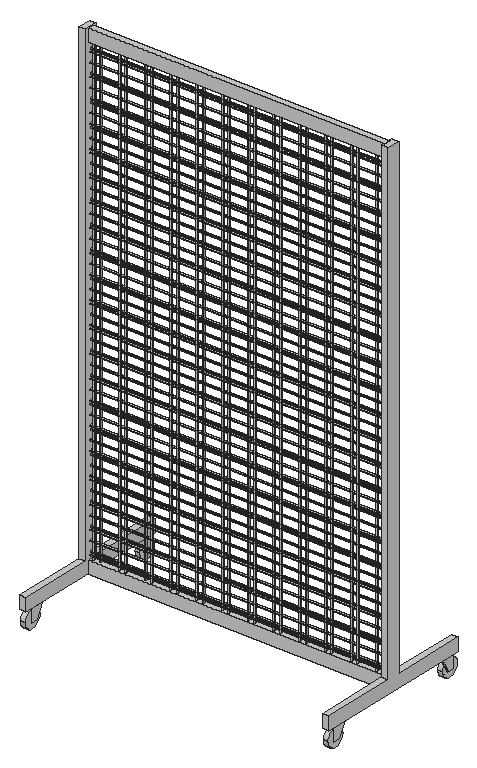
Revit family "TK", category Specialty Equipment, Revit 2012
Parameters (values of type "T-Rack w/ Casters")
  URL = "http://madixinc.com/display/maxiline/core.html"
  Model = "T-Rack"
  Manufacturer = "© 2012 Madix, Inc. All rights reserved."
Reference planes (in)
  plane 1 "Center (Front/Back)": y = 0
  plane 2: z = 0
  plane 3 "Center (Left/Right)": x = 0
  plane 4: z = 0
  plane 5: y = 12.5
  plane 6: y = -12.5
  plane 7: x = -24
  plane 8: x = 24
  plane 9: x = -23
  plane 10: x = 23
  plane 11: z = 3
  plane 12: z = 5
  plane 13: z = 79
  plane 14: y = 1
  plane 15: y = -1
  plane 16: y = 0.5
  plane 17: y = -0.5
  plane 18: x = -23.875
  plane 19: x = -23.125
Forms (in)
  Extrusion 1, solid, material "Metal - Steel"
    sketch origin (0, 0, 0) x (0, 1, 0) y (0, 0, 1)
      loop
        line (12.5, 5) -> (1, 5) -> (1, 79) -> (-1, 79) -> (-1, 5) -> (-12.5, 5) -> (-12.5, 3) -> (12.5, 3) -> (12.5, 5)
    from -24 to -23
  Extrusion 2, solid, material "Metal - Steel"
    sketch origin (0, 0, 0) x (0, 1, 0) y (0, 0, -1)
      loop
        line (12.5, -5) -> (12.5, -3) -> (-12.5, -3) -> (-12.5, -5) -> (-1, -5) -> (-1, -79) -> (1, -79) -> (1, -5) -> (12.5, -5)
    from -24 to -23
  Extrusion 3, solid, material "Metal - Steel"
    sketch origin (0, 0, 0) x (1, 0, 0) y (0, 0, 1)
      loop
        line (-23, 79) -> (-23, 77) -> (23, 77) -> (23, 79) -> (-23, 79)
      loop
        line (-23, 5) -> (-23, 3) -> (23, 3) -> (23, 5) -> (-23, 5)
    from -0.5 to 0.5
  Extrusion 4, solid, material "Metal - Steel"
    sketch origin (-24, 1.375, 77.5) x (1, 0, 0) y (0, 1, 0)
      loop
        circle (2.5, -1.375) r 0.125
      loop
        circle (1.5, -1.375) r 0.125
      loop
        circle (6.5, -1.375) r 0.125
      loop
        circle (5.5, -1.375) r 0.125
      loop
        circle (10.5, -1.375) r 0.125
      loop
        circle (9.5, -1.375) r 0.125
      loop
        circle (14.5, -1.375) r 0.125
      loop
        circle (13.5, -1.375) r 0.125
      loop
        circle (18.5, -1.375) r 0.125
      loop
        circle (17.5, -1.375) r 0.125
      loop
        circle (22.5, -1.375) r 0.125
      loop
        circle (21.5, -1.375) r 0.125
      loop
        circle (45.5, -1.375) r 0.125
      loop
        circle (46.5, -1.375) r 0.125
      loop
        circle (41.5, -1.375) r 0.125
      loop
        circle (42.5, -1.375) r 0.125
      loop
        circle (37.5, -1.375) r 0.125
      loop
        circle (38.5, -1.375) r 0.125
      loop
        circle (33.5, -1.375) r 0.125
      loop
        circle (34.5, -1.375) r 0.125
      loop
        circle (29.5, -1.375) r 0.125
      loop
        circle (30.5, -1.375) r 0.125
      loop
        circle (25.5, -1.375) r 0.125
      loop
        circle (26.5, -1.375) r 0.125
    from -72.5 to -0.5
  Extrusion 5, solid, material "Metal - Steel"
    sketch origin (0, 0, 0) x (0, 1, 0) y (0, 0, 1)
      loop
        circle (0, 76) r 0.125
      loop
        circle (0, 75.5) r 0.125
      loop
        circle (0, 74) r 0.125
      loop
        circle (0, 72.5) r 0.125
      loop
        circle (0, 72) r 0.125
      loop
        circle (0, 70.5) r 0.125
      loop
        circle (0, 69) r 0.125
      loop
        circle (0, 68.5) r 0.125
      loop
        circle (0, 67) r 0.125
      loop
        circle (0, 65.5) r 0.125
      loop
        circle (0, 65) r 0.125
      loop
        circle (0, 63.5) r 0.125
      loop
        circle (0, 62) r 0.125
      loop
        circle (0, 61.5) r 0.125
      loop
        circle (0, 60) r 0.125
      loop
        circle (0, 58.5) r 0.125
      loop
        circle (0, 58) r 0.125
      loop
        circle (0, 56.5) r 0.125
      loop
        circle (0, 55) r 0.125
      loop
        circle (0, 54.5) r 0.125
      loop
        circle (0, 53) r 0.125
      loop
        circle (0, 51.5) r 0.125
      loop
        circle (0, 51) r 0.125
      loop
        circle (0, 49.5) r 0.125
      loop
        circle (0, 48) r 0.125
      loop
        circle (0, 47.5) r 0.125
      loop
        circle (0, 46) r 0.125
      loop
        circle (0, 44.5) r 0.125
      loop
        circle (0, 44) r 0.125
      loop
        circle (0, 42.5) r 0.125
      loop
        circle (0, 41) r 0.125
      loop
        circle (0, 40.5) r 0.125
      loop
        circle (0, 39) r 0.125
      loop
        circle (0, 37.5) r 0.125
      loop
        circle (0, 37) r 0.125
      loop
        circle (0, 35.5) r 0.125
      loop
        circle (0, 34) r 0.125
      loop
        circle (0, 33.5) r 0.125
      loop
        circle (0, 32) r 0.125
      loop
        circle (0, 30.5) r 0.125
      loop
        circle (0, 30) r 0.125
      loop
        circle (0, 28.5) r 0.125
      loop
        circle (0, 27) r 0.125
      loop
        circle (0, 26.5) r 0.125
      loop
        circle (0, 25) r 0.125
      loop
        circle (0, 23.5) r 0.125
      loop
        circle (0, 23) r 0.125
      loop
        circle (0, 21.5) r 0.125
      loop
        circle (0, 20) r 0.125
      loop
        circle (0, 19.5) r 0.125
      loop
        circle (0, 18) r 0.125
      loop
        circle (0, 16.5) r 0.125
      loop
        circle (0, 16) r 0.125
      loop
        circle (0, 14.5) r 0.125
      loop
        circle (0, 13) r 0.125
      loop
        circle (0, 12.5) r 0.125
      loop
        circle (0, 11) r 0.125
      loop
        circle (0, 9.5) r 0.125
      loop
        circle (0, 9) r 0.125
      loop
        circle (0, 7.5) r 0.125
      loop
        circle (0, 6) r 0.125
      loop
        circle (0, 5.5) r 0.125
    from -23 to 23
  Extrusion 6, solid, material "Metal - Steel"
    sketch origin (0, 0, 0) x (0, 1, 0) y (0, 0, 1)
      loop
        circle (11.125, 1.375) r 1.375
      loop
        circle (-11.125, 1.375) r 1.375
    from -23.875 to -23.125
  Extrusion 7, solid, material "Metal - Steel"
    sketch origin (0, 0, 0) x (0, 1, 0) y (0, 0, -1)
      loop
        circle (11.125, -1.375) r 1.375
      loop
        circle (-11.125, -1.375) r 1.375
    from -23.875 to -23.125
  Extrusion 8, solid, material "Metal - Steel"
    sketch origin (0, 0, 0) x (0, 1, 0) y (0, 0, 1)
      loop
        line (11.5, 3) -> (9.5, 3) -> (10.5, 1) -> (11.5, 1) -> (11.5, 3)
      loop
        line (-11.5, 3) -> (-11.5, 1) -> (-10.5, 1) -> (-9.5, 3) -> (-11.5, 3)
    from -24 to -23.875
  Extrusion 9, solid, material "Metal - Steel"
    sketch origin (-47.75, 0, 0) x (0, 1, 0) y (0, 0, -1)
      loop
        line (11.5, -3) -> (11.5, -1) -> (10.5, -1) -> (9.5, -3) -> (11.5, -3)
      loop
        line (-11.5, -3) -> (-9.5, -3) -> (-10.5, -1) -> (-11.5, -1) -> (-11.5, -3)
    from -24.75 to -24.625
  Extrusion 10, solid, material "Metal - Steel"
    sketch origin (47.75, 0, 0) x (0, 1, 0) y (0, 0, 1)
      loop
        line (11.5, 3) -> (9.5, 3) -> (10.5, 1) -> (11.5, 1) -> (11.5, 3)
      loop
        line (-11.5, 3) -> (-11.5, 1) -> (-10.5, 1) -> (-9.5, 3) -> (-11.5, 3)
    from -24.75 to -24.625
  Extrusion 11, solid, material "Metal - Steel"
    sketch origin (0, 0, 0) x (0, 1, 0) y (0, 0, -1)
      loop
        line (11.5, -3) -> (11.5, -1) -> (10.5, -1) -> (9.5, -3) -> (11.5, -3)
      loop
        line (-11.5, -3) -> (-9.5, -3) -> (-10.5, -1) -> (-11.5, -1) -> (-11.5, -3)
    from -24 to -23.875
Dimensions and locks (in)
  aligned and locked: level to plane 2
